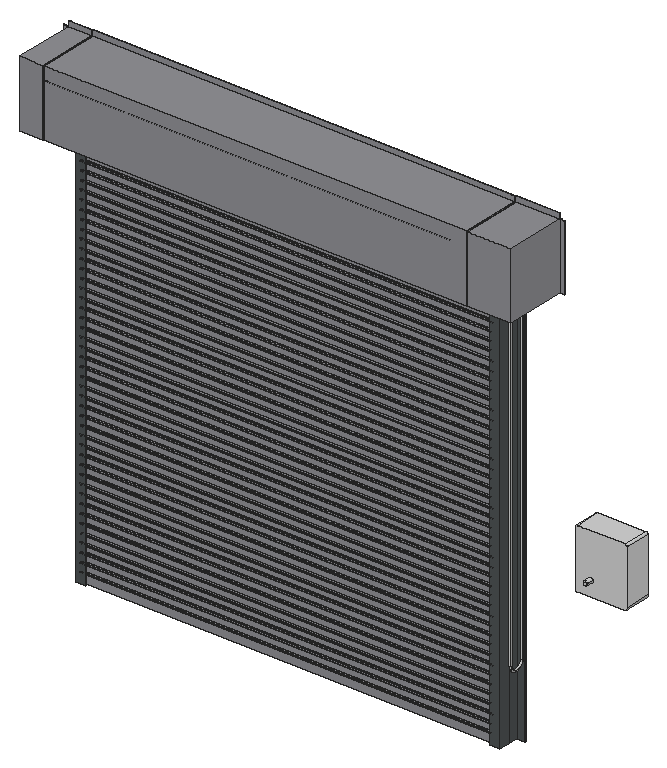
Revit family "Doors_Industrial_Overhead-Door-Corporation_RapidSlat-Rolling-Steel-Service-Doors-621_", category Specialty Equipment, host Wall, Revit 2019
Family settings
  Host = Wall
  Round Connector Dimension = Use Diameter
  Part Type = Normal
  OmniClass Number = 23.30.10.21.34
  OmniClass Title = Industrial Doors
  Always vertical = Yes
  Cut with Voids When Loaded = Yes
  Shared = No
  Room Calculation Point = No
Parameters (values of type "208 volts, one phase, 60 Hz (208-240V range)")
  Warning Sign [instance] = if(Calculated Area > 683.00 SF, 1 = 1, 1 = 2)  # no
  Warning (Note) [instance] = if(Warning Sign, "The Door Area is out of the limit; please adjust accordingly. The maximum allowed area is 683 sq. ft.", if(Opening Height > 360", "Headroom Clearance Dimensions - out of the limits. Consult Factory", " "))  # " "
  Wall Thickness [instance] = 6"
  Voltage = 208 V
  True Opening Width [instance] = Clear Width  # 120"
  True Opening Height [instance] = Clear Height  # 120"
  Slat Type [instance] = if(Slat Option < 2, "C-187", if(Slat Option = 2, "C-275", if(Slat Option = 3, "F-265", "FE-265")))  # "F-265"
  Slat Option [instance] = 3  # constant formula
  Slat Length [instance] = Clear Width + G Value * 2 - 1" / 2 * 2  # 126"
  Slat Height [instance] = if(Slat < 2, 11 9/32", if(Slat = 2, 13 3/4", 13 19/128"))  # 13 19/128"
  Slat [instance] = if(Slat Option < 2, 1, if(Slat Option = 2, 2, if(Slat Option = 3, 3, 4)))  # 3
  Product Page URL = "https://www.overheaddoor.com/rolling-steel-service-doors-621"
  Power Factor = 1
  Powder Coat (Note) = "PowderGuard® Premium powder coat finish options are available in approximately 200 colors as well as custom matching to specification. PowderGuard® Textured finish, a thicker, more scratch resistant coat, is available in 11 colors providing enhanced scratch resistance as well as aiding in hiding the dirt and blemishes that often occur in commercial environments.​"  # constant formula
  Opening Width Real [instance] = if(Opening Width > Max Opening Width, Max Opening Width, if(Opening Width < Min Opening Width, Min Opening Width, Opening Width))  # 120"
  Opening Width [instance] = 120"
  Opening Height Real [instance] = if(Opening Height > Max Opening Height, Max Opening Height, if(Opening Height < Min Opening Height, Min Opening Height, Opening Height))  # 120"
  Opening Height [instance] = 120"
  One Array element [instance] = not(Array Vis)  # no
  Number of Poles = 1
  Motor Position [instance] = M Value - G Value  # 2 3/4"
  Min Opening Width [instance] = 18"  # constant formula
  Min Opening Height [instance] = 24"  # constant formula
  Max Opening Width [instance] = 360"  # constant formula
  Max Opening Height [instance] = 240"  # constant formula
  Material Finish [instance] = 621 : Standard - Gray
  M Value [instance] = if(or(Opening Width < 108", Opening Width = 108"), 5 3/4", if(or(Opening Width < 180", Opening Width = 180"), 6 1/4", if(or(Opening Width < 240", Opening Width = 240"), 7 1/4", 9 1/4")))  # 6 1/4"
  Installation Real [instance] = Wall Thickness  # 6"
  Hood Type [instance] = "Square Hood"  # constant formula
  Hood Offset [instance] = 4"  # constant formula
  Hood Material [instance] = Metal - Overhead Door - Gray
  Hood Height [instance] = A Value + 2"  # 20"
  Headroom Height Real [instance] = Hood Offset + Hood Height  # 24"
  Headroom Height [instance] = Headroom Height Real + 1 1/2"  # 25 1/2"
  HC 4 [instance] = if(or(Clear Height < 84", Clear Height = 84"), 16", if(or(Clear Height < 132", Clear Height = 132"), 18", if(or(Clear Height < 192", Clear Height = 192"), 20", 22")))  # 18"
  HC 3 [instance] = if(or(Clear Height < 108", Clear Height = 108"), 16", if(or(Clear Height < 168", Clear Height = 168"), 18", 20"))  # 18"
  HC 2 [instance] = if(or(Clear Height < 60", Clear Height = 60"), 14", if(or(Clear Height < 120", Clear Height = 120"), 16", if(or(Clear Height < 180", Clear Height = 180"), 18", 20")))  # 16"
  HC 1 [instance] = if(or(Clear Height < 96", Clear Height = 96"), 14", if(or(Clear Height < 168", Clear Height = 168"), 16", 18"))  # 16"
  Guide Type [instance] = "Angled Z Guide"  # constant formula
  Guid Depth [instance] = D Value  # 6 1/4"
  G Value [instance] = if(or(Opening Width < 108", Opening Width = 108"), 3", if(or(Opening Width < 180", Opening Width = 180"), 3 1/2", if(or(Opening Width < 240", Opening Width = 240"), 4", 5 9/16")))  # 3 1/2"
  Frequency = 60 Hz
  Face of Wall Offset [instance] = 5"  # constant formula
  Door Width True [instance] = Clear Width + M Value * 2  # 132 1/2"
  Door Width (Real) [instance] = Clear Width + 1"  # 121"
  Door Height True [instance] = Clear Width + Headroom Height  # 145 1/2"
  Door Height (Real) [instance] = Clear Height + Hood Offset  # 124"
  URL = "https://www.overheaddoor.com/"
  Product data url = "https://www.bimobject.com/overhead-door/product/rapidslat-rolling-steel-service-doors-621"
  Product Guid = "b683b8c3-3a47-4ecd-aa22-176d752e5163"
  Model = "621"  # constant formula
  Manufacturer = "Overhead Door Corporation"  # constant formula
  Wall Closure = By host
  Floor To (CL) of Shaft [instance] = Clear Height + Hood Height / 2 + Hood Offset  # 134"
  Finish Material = Finish - Overhead Door - Black
  Description = "RapidSlat Model 621 Stormtite Advanced Performance service door"  # constant formula
  D Value [instance] = if(or(Opening Width < 108", Opening Width = 108"), 5 11/16", if(or(Opening Width < 180", Opening Width = 180"), 6 1/4", if(or(Opening Width < 240", Opening Width = 240"), 6 3/16", 7 1/16")))  # 6 1/4"
  Clear Width [instance] = Opening Width Real  # 120"
  Clear Height [instance] = Opening Height Real  # 120"
  Current = 20 A
  Backroom Depth [instance] = A Value + 1/2"  # 18 1/2"
  BJ Displacement Real [instance] = 0"  # constant formula
  Array Vis [instance] = if(Array < 2, 1 = 2, 1 = 1)  # yes
  Array Real [instance] = if(Array < 2, 2, Array)  # 10
  Array Length [instance] = (Array) * Slat Height  # 131 31/64"
  Array [instance] = rounddown(([Door Height (Real)] - 3") / Slat Height) + 1  # 10
  Calculated Area [instance] = [Door Width (Real)] * [Door Height (Real)]  # 104.194 SF
  Apparent Load Phase 3 = if(Number of Poles = 1, 0 VA, (Voltage * Current * sqrt(3)) / 3)  # 0 VA
  Apparent Load Phase 2 = if(Number of Poles = 1, 0 VA, (Voltage * Current * sqrt(3)) / 3)  # 0 VA
  Apparent Load Phase 1 = if(Number of Poles = 1, Voltage * Current, (Voltage * Current * sqrt(3)) / 3)  # 4160 VA
  A Value [instance] = if(Slat = 1, HC 1, if(Slat = 2, HC 2, HC 3))  # 18"
Reference planes (in)
  plane 1 "Center (Front/Back)": y = -14.625
  plane 2 "Center (Left/Right)": x = 0
  plane 3 "Left": x = -60
  plane 4 "Right": x = 60
  plane 5 "Exterior": y = -8.625
  plane 6 "Interior": y = -14.625
  plane 7: x = 66.25
  plane 8: x = -66.25
  plane 9: z = 120
  plane 10 "Main": y = -20.23437
  plane 11 "Backroom Depth": y = -32.125
  plane 12 "Main Door Block": y = -13.625
  plane 13 "Bottom Bar": z = 2.75
  plane 14: y = -20.875
  plane 15: z = 134.23438
  plane 16: z = 144
  plane 17: z = 124
  plane 18: z = 145.5
  plane 19: z = 0
  plane 20: z = 60
  plane 21: y = -20.0625
  plane 22: y = 18.375
  plane 23: y = -41.625
  plane 24 "Double Main": y = -19.656
  plane 25 "Headroom Top": z = 145.5
  plane 26: z = 134
  plane 27: x = 63.5
  plane 28: x = -63.5
  plane 29: z = 121.08594
  plane 30: y = -20.0625
  plane 31: z = 2.75
  plane 32: y = -20.0625
  plane 33: z = 121.08594
  plane 34: y = -20.0625
  plane 35: z = 15.89844
  plane 36: y = -20.0625
  plane 37: z = 29.04688
  plane 38: y = -20.0625
  plane 39: z = 42.19531
  plane 40: y = -20.0625
  plane 41: z = 55.34375
  plane 42: y = -20.0625
  plane 43: z = 68.49219
  plane 44: y = -20.0625
  plane 45: z = 81.64063
  plane 46: y = -20.0625
  plane 47: z = 94.78906
  plane 48: y = -20.0625
  plane 49: z = 107.9375
  plane 50: z = 2.75
  plane 51: y = -20.0625
  plane 52: z = 121.08594
  plane 53: y = -20.0625
  plane 54: z = 15.89844
  plane 55: y = -20.0625
  plane 56: z = 29.04688
  plane 57: y = -20.0625
  plane 58: z = 42.19531
  plane 59: y = -20.0625
  plane 60: z = 55.34375
  plane 61: y = -20.0625
  plane 62: z = 68.49219
  plane 63: y = -20.0625
  plane 64: z = 81.64063
  plane 65: y = -20.0625
  plane 66: z = 94.78906
  plane 67: y = -20.0625
  plane 68: z = 107.9375
  plane 69: y = -20.0625
Forms (in)
  Extrusion 1, void
    sketch origin (0, -13.625, 0) x (0, 0, -1) y (-1, 0, 0)
      loop
        line (-120, 60) -> (-120, -60) -> (0, -60) -> (0, 60) -> (-120, 60)
    from -1 to 5
Text (in)
  text "Exterior" at (-74.96733, 27.31104, 0), in view "Ref. Level"
  text "Interior" at (-74.96733, -25.14366, 0), in view "Ref. Level"
  text "Exterior" at (0, 40.15149, 123.01588), in view "Right"
  text "Interior" at (0, -64.39139, 123.01588), in view "Right"
  text "Interior" at (0, -31.01599, 123.00693), in view "Left"
  text "Exterior" at (0, 54.57065, 123.00693), in view "Left"
Dimensions and locks (in)
  equal spacing: plane 3 "Left", plane 2 "Center (Left/Right)", plane 4 "Right"
  "Clear Width": plane 3 "Left" to plane 4 "Right"
  level to host wall = 459.59655"
  "Clear Height": level to plane 9
  plane 7 to plane 8 = 132 1/2"
  equal spacing: plane 7, plane 2 "Center (Left/Right)", plane 8
  locked: plane 13 "Bottom Bar" to level at 2.75
  "Door Width True": plane 7 to plane 8
  locked: plane 14 to plane 10 "Main" at 0.64063
  "Array Length": plane 15 to plane 13 "Bottom Bar"
  "Backroom Depth": plane 11 "Backroom Depth" to plane 12 "Main Door Block"
  "Hood Height": plane 16 to plane 17
  locked: plane 18 to plane 16 at 1.5
  "Installation Real": plane 1 "Center (Front/Back)" to plane 5 "Exterior"
  "Wall Thickness": host wall to host wall
  equal spacing: plane 9, plane 20, plane 19
  locked: plane 10 "Main" to plane 21 at 0.17187
  equal spacing: plane 22, host wall, plane 23
  locked: plane 22 to plane 23 at 60
  locked: plane 10 "Main" to plane 24 "Double Main" at 0.57837
  "Hood Offset": plane 17 to plane 9
  "Headroom Height": plane 25 "Headroom Top" to plane 9
  "Floor To (CL) of Shaft": plane 26 to level
  "Motor Position": plane 7 to plane 27
  "Motor Position": plane 28 to plane 8
  "Guid Depth": plane 14 to plane 1 "Center (Front/Back)"
  "Slat Height": plane 15 to plane 29
  equal spacing: group 1, group 3, group 4, group 5, group 6, group 7, group 8, group 9, group 10, group 2  (x2)
  equal spacing: group 2, group 10, group 9, group 8, group 7, group 6, group 5, group 4, group 3, group 1
  equal spacing: group 12, group 20, group 19, group 18, group 17, group 16, group 15, group 14, group 13, group 11  (x2)
  equal spacing: group 11, group 13, group 14, group 15, group 16, group 17, group 18, group 19, group 20, group 12
  aligned and locked: plane 5 "Exterior" to host wall
  aligned and locked: host wall to plane 6 "Interior"
  aligned and locked: level to Extrusion 1 sketch curve
  aligned and locked: Extrusion 1 to plane 5 "Exterior"
  aligned and locked: plane 6 "Interior" to Extrusion 1
  aligned and locked: nested 1 to plane 2 "Center (Left/Right)"
  aligned and locked: nested 1 to level
  aligned and locked: level to plane 19
  aligned and locked: nested 1 to plane 1 "Center (Front/Back)"
  aligned and locked: plane 2 "Center (Left/Right)" to nested 2
  aligned and locked: nested 2 to plane 22
  aligned and locked: plane 23 to nested 3
  aligned and locked: nested 3 to plane 2 "Center (Left/Right)"
  aligned and locked: nested 4 to plane 20
  aligned and locked: plane 2 "Center (Left/Right)" to nested 4
  aligned and locked: nested 4 to plane 21
  aligned and locked: plane 4 "Right" to Extrusion 1 sketch curve
  aligned and locked: plane 3 "Left" to Extrusion 1 sketch curve
  aligned and locked: Extrusion 1 sketch curve to plane 9
  aligned and locked: plane 13 "Bottom Bar" to plane 31
  aligned and locked: plane 21 to plane 30
  aligned and locked: plane 29 to plane 33
  aligned and locked: plane 32 to plane 21
  aligned and locked: plane 13 "Bottom Bar" to plane 50
  aligned and locked: plane 21 to plane 51
  aligned and locked: plane 29 to plane 52
  aligned and locked: plane 53 to plane 21
  aligned and locked: plane 21 to nested 15
Nested families (in)
  nested 1: "Lifts" at (0, -14.625, 0), type "Frame Unit"
    with Square Hood yes, Round Hood no, Right Motor Position yes, Octagon Hood no, No Hood no
  nested 2: "Label Annotation 1" at (0, 18.375, 0), visible <- "Warning Sign", type "Label Annotation 1"
  nested 3: "Label Annotation 1" at (0, -41.625, 0) x (-1, 0, 0) z (0, 0, 1), visible <- "Warning Sign", type "Label Annotation 1"
  nested 4: "Warning Sign" at (0, -20.0625, 60), visible <- "Warning Sign", type "Warning Sign"
    with Warning Sign no
  nested 5: "621" at (0, -20.0625, 2.75), Slat Option <- "Slat", Opening Width <- "Slat Length", visible <- "Array Vis", type <- "Material Finish", type "Standard - Gray"
    with Void Offset 1", Void Height 1", Slat Width 0.63", Slat Position + Offset 14.044", Slat Position 13.15", Slat Option 3, Opening Width 126", Integrated Cutout no, F 265, FE 265 yes, Cutout Width Offset 1", Cutout Vertical Offset 0.894", Cutout Horizontal Offset 1", C 275 no, C 187 Standard no
  nested 6: "621" at (0, -20.0625, 121.08594), Slat Option <- "Slat", Opening Width <- "Slat Length", visible <- "Array Vis", type <- "Material Finish", type "Standard - Gray"
    with Void Offset 1", Void Height 1", Slat Width 0.63", Slat Position + Offset 14.044", Slat Position 13.15", Slat Option 3, Opening Width 126", Integrated Cutout no, F 265, FE 265 yes, Cutout Width Offset 1", Cutout Vertical Offset 0.894", Cutout Horizontal Offset 1", C 275 no, C 187 Standard no
  nested 7: "621" at (0, -20.0625, 15.89844), Slat Option <- "Slat", Opening Width <- "Slat Length", visible <- "Array Vis", type <- "Material Finish", type "Standard - Gray"
    with Void Offset 1", Void Height 1", Slat Width 0.63", Slat Position + Offset 14.044", Slat Position 13.15", Slat Option 3, Opening Width 126", Integrated Cutout no, F 265, FE 265 yes, Cutout Width Offset 1", Cutout Vertical Offset 0.894", Cutout Horizontal Offset 1", C 275 no, C 187 Standard no
  nested 8: "621" at (0, -20.0625, 29.04688), Slat Option <- "Slat", Opening Width <- "Slat Length", visible <- "Array Vis", type <- "Material Finish", type "Standard - Gray"
    with Void Offset 1", Void Height 1", Slat Width 0.63", Slat Position + Offset 14.044", Slat Position 13.15", Slat Option 3, Opening Width 126", Integrated Cutout no, F 265, FE 265 yes, Cutout Width Offset 1", Cutout Vertical Offset 0.894", Cutout Horizontal Offset 1", C 275 no, C 187 Standard no
  nested 9: "621" at (0, -20.0625, 42.19531), Slat Option <- "Slat", Opening Width <- "Slat Length", visible <- "Array Vis", type <- "Material Finish", type "Standard - Gray"
    with Void Offset 1", Void Height 1", Slat Width 0.63", Slat Position + Offset 14.044", Slat Position 13.15", Slat Option 3, Opening Width 126", Integrated Cutout no, F 265, FE 265 yes, Cutout Width Offset 1", Cutout Vertical Offset 0.894", Cutout Horizontal Offset 1", C 275 no, C 187 Standard no
  nested 10: "621" at (0, -20.0625, 55.34375), Slat Option <- "Slat", Opening Width <- "Slat Length", visible <- "Array Vis", type <- "Material Finish", type "Standard - Gray"
    with Void Offset 1", Void Height 1", Slat Width 0.63", Slat Position + Offset 14.044", Slat Position 13.15", Slat Option 3, Opening Width 126", Integrated Cutout no, F 265, FE 265 yes, Cutout Width Offset 1", Cutout Vertical Offset 0.894", Cutout Horizontal Offset 1", C 275 no, C 187 Standard no
  nested 11: "621" at (0, -20.0625, 68.49219), Slat Option <- "Slat", Opening Width <- "Slat Length", visible <- "Array Vis", type <- "Material Finish", type "Standard - Gray"
    with Void Offset 1", Void Height 1", Slat Width 0.63", Slat Position + Offset 14.044", Slat Position 13.15", Slat Option 3, Opening Width 126", Integrated Cutout no, F 265, FE 265 yes, Cutout Width Offset 1", Cutout Vertical Offset 0.894", Cutout Horizontal Offset 1", C 275 no, C 187 Standard no
  nested 12: "621" at (0, -20.0625, 81.64063), Slat Option <- "Slat", Opening Width <- "Slat Length", visible <- "Array Vis", type <- "Material Finish", type "Standard - Gray"
    with Void Offset 1", Void Height 1", Slat Width 0.63", Slat Position + Offset 14.044", Slat Position 13.15", Slat Option 3, Opening Width 126", Integrated Cutout no, F 265, FE 265 yes, Cutout Width Offset 1", Cutout Vertical Offset 0.894", Cutout Horizontal Offset 1", C 275 no, C 187 Standard no
  nested 13: "621" at (0, -20.0625, 94.78906), Slat Option <- "Slat", Opening Width <- "Slat Length", visible <- "Array Vis", type <- "Material Finish", type "Standard - Gray"
    with Void Offset 1", Void Height 1", Slat Width 0.63", Slat Position + Offset 14.044", Slat Position 13.15", Slat Option 3, Opening Width 126", Integrated Cutout no, F 265, FE 265 yes, Cutout Width Offset 1", Cutout Vertical Offset 0.894", Cutout Horizontal Offset 1", C 275 no, C 187 Standard no
  nested 14: "621" at (0, -20.0625, 107.9375), Slat Option <- "Slat", Opening Width <- "Slat Length", visible <- "Array Vis", type <- "Material Finish", type "Standard - Gray"
    with Void Offset 1", Void Height 1", Slat Width 0.63", Slat Position + Offset 14.044", Slat Position 13.15", Slat Option 3, Opening Width 126", Integrated Cutout no, F 265, FE 265 yes, Cutout Width Offset 1", Cutout Vertical Offset 0.894", Cutout Horizontal Offset 1", C 275 no, C 187 Standard no
  nested 15: "621" at (0, -20.0625, 2.75), Slat Option <- "Slat", Opening Width <- "Slat Length", visible <- "One Array element", type <- "Material Finish", type "Standard - Gray"
    with Void Offset 1", Void Height 1", Slat Width 0.63", Slat Position + Offset 14.044", Slat Position 13.15", Slat Option 3, Opening Width 126", Integrated Cutout no, F 265, FE 265 yes, Cutout Width Offset 1", Cutout Vertical Offset 0.894", Cutout Horizontal Offset 1", C 275 no, C 187 Standard no
Connectors (in)
  electrical at (94.92963, -22.165, 60.07037), driven by "Apparent Load Phase 1", driven by "Apparent Load Phase 2", driven by "Apparent Load Phase 3", driven by "Power Factor", driven by "Voltage", driven by "Number of Poles"
    settings: on nested 1, index 1, voltage 208 V, apparent load 0 VA, apparent load phase1 4160 VA, apparent load phase2 0 VA, apparent load phase3 0 VA, power factor 1, load classification "Other", number of poles 1, system type 31, power factor state 1, is connector primary yes, connector utility no, sub classification motor no, connector description "Electrical Connector"
Definition of nested family "Lifts"
  Parameters (values of type "Frame Unit")
    True Width = if(Between Jambs, Opening Width, Opening Width + 1/2")  # 120 1/2"
    Square Hood [instance] = if(Hood Option = 2, 1 = 1, 1 = 2)  # yes
    Slat Option = 1
    Round Hood [instance] = if(Hood Option > 3, 1 = 1, 1 = 2)  # no
    Rough Width = 0"
    Rough Height = 0"
    Right Motor Position [instance] = yes
    Octagon Hood [instance] = if(Hood Option = 3, 1 = 1, 1 = 2)  # no
    No Hood [instance] = if(Hood Option < 2, 1 = 1, 1 = 2)  # no
    M Value = 6 1/4"
    Hood Type = if(Hood Option < 2, "No Hood", if(Hood Option = 2, "Square Hood", if(Hood Option = 3, "Octagon Hood", "Round Hood")))  # "Square Hood"
    Hood Option = 2
    Hood Offset = 4"
    Hood Height = Headroom Height Real - Hood Offset  # 20"
    Headroom Height Real = Headroom Height  # 24"
    Half Octagon Side = 3.41726"
    Half Hood Height = Headroom Height - Hood Offset  # 20"
    G Value = 3 1/2"
    E Guide Width = if(Between Jambs, Guide Offset - G Value + BJ Connection Length - BJ Displacement * 2 / 3, 3")  # 3"
    E Guide Height = 3"  # constant formula
    Z Guide = 1 = 1  # yes
    Slat Material = none
    Shaft Offset = if(Hood Height < Header Width, (Header Width - (Header Width - Hood Height)) / 2, Header Width / 2)  # 9 1/4"
    Shaft Material = none
    Shaft Length 2 = 18"  # constant formula
    Shaft Length 1 = 12"  # constant formula
    Setback = if(Between Jambs, 0", 1/2")  # 1/2"
    Opening Width = 120"
    Hood Material = none
    Headroom Height = 24"
    Header Width = 18 1/2"
    Opening Height = 120"
    Guide Type = if(Between Jambs, "Angled Between Jambs Z Guide", if(Guide Option > 1, "Angled Z Guide", "Angled E Guide"))  # "Angled Z Guide"
    Guide Option = if(Between Jambs, 1, 2)  # 2
    Guide Offset = BJ Displacement + G Value  # 3 1/2"
    Guide Z Wide = if(Between Jambs, Guide Offset - G Value + BJ Connection Length - BJ Displacement * 2 / 3, M Value - G Value)  # 2 3/4"
    Guide Z Height = 3"  # constant formula
    Floor To (CL) of Shaft = 134"
    Finish Material = none
    Face to Wall Mount = not(Between Jambs)  # yes
    E Guide = if(Between Jambs, 1 = 1, 1 = 2)  # no
    D Value = 6 1/4"
    Chain offset = if(Opening Height < 35", Opening Height - 5", 30")  # 30"
    Between Jambs = no
    BJ Position = if(Between Jambs, 1/4", 0")  # 0"
    BJ Displacement = 0"
    BJ Connection Length = 1 / 3 * BJ Displacement  # 0"
    Angled Guide = 1 = 1  # yes
    1 = 15 1/2"
  Reference planes (in)
    plane 1 "Center (Front/Back)": y = 0
    plane 2: z = 0
    plane 3 "Center (Left/Right)": x = 0
    plane 4 "Opening Height": z = 120
    plane 5: x = -72
    plane 6: x = 78
    plane 7: z = 144
    plane 8: y = 18.5
    plane 9 "Real Opening 2": x = -60
    plane 10 "Real Opening 1": x = 60
    plane 11: z = 124
    plane 12 "Main": y = 0
    plane 13: z = 134
    plane 14: x = 63.5
    plane 15: x = -63.5
    plane 16: x = -63.5
    plane 17: x = 63.5
    plane 18: y = 6.25
    plane 19: x = -63.25
    plane 20: x = 63.25
    plane 21: z = 145.5
    plane 22: y = 6.25
    plane 23: y = 5.125
    plane 24: y = 6.25
    plane 25: y = 5.125
    plane 26: y = 0.25
    plane 27: z = 124
    plane 28: z = 30
    plane 29: z = 0
    plane 30: x = 74
    plane 31: x = 95
    plane 32: z = 60
    plane 33: y = 7.54
    plane 34: x = 76.25
    plane 35: x = -70.25
  Forms (in)
    Extrusion 1, solid, material <- "Slat Material"
      sketch origin (0, 0, 0) x (0, 1, 0) y (0, 0, 1)
        loop
          line (5.4375, 2.375) -> (5.4375, 2.75) -> (4.8125, 2.75) -> (4.8125, 2.375) -> (5.4375, 2.375)
      from -63.25 to 63.25
    Extrusion 2, solid, material <- "Slat Material"
      sketch origin (0, 0, 0) x (0, 1, 0) y (0, 0, 1)
        loop
          line (5.4375, 2.375) -> (4.8125, 2.375) -> (4.8125, 0) -> (5.4375, 0) -> (5.4375, 2.375)
      from -63.25 to 63.25
    Extrusion 3, solid, material <- "Shaft Material"
      sketch origin (0, -5.35201, 0) x (0, 1, 0) y (0, 0, 1)
        loop
          circle (14.60201, 134) r 0.6
      from -70.25 to 76.25
    Extrusion 4, solid, material <- "Hood Material", visible <- "Square Hood"
      sketch origin (0, 0, 0) x (0, 1, 0) y (0, 0, 1)
        loop
          line (0, 124) -> (18.5, 124) -> (18.5, 145.5) -> (0, 145.5) -> (0, 124)
      from -63.25 to 63.25
    Extrusion 5, solid, material <- "Finish Material", visible <- "E Guide"
      sketch origin (0, 0, 0) x (1, 0, 0) y (0, 1, 0)
        loop
          line (60.5, 0) -> (63.5, 0) -> (63.5, 3) -> (63.4375, 3)
          arc (63.4375, 3) -> (63.30492, 2.94508) -> (63.25, 2.8125) r 0.1875
          line (63.25, 2.8125) -> (63.25, 0.25) -> (60.6875, 0.25)
          arc (60.6875, 0.25) -> (60.55492, 0.19508) -> (60.5, 0.0625) r 0.1875
          line (60.5, 0.0625) -> (60.5, 0)
        loop
          line (-60.5, 0) -> (-60.5, 0.0625)
          arc (-60.5, 0.0625) -> (-60.55492, 0.19508) -> (-60.6875, 0.25) r 0.1875
          line (-60.6875, 0.25) -> (-63.25, 0.25) -> (-63.25, 2.8125)
          arc (-63.25, 2.8125) -> (-63.30492, 2.94508) -> (-63.4375, 3) r 0.1875
          line (-63.4375, 3) -> (-63.5, 3) -> (-63.5, 0) -> (-60.5, 0)
      from 0 to 124
    Extrusion 6, solid, material <- "Finish Material", visible <- "Z Guide"
      sketch origin (0, 0, 0) x (1, 0, 0) y (0, 1, 0)
        loop
          line (66.25, 0) -> (66.25, 0.062)
          arc (66.25, 0.062) -> (66.19494, 0.19494) -> (66.062, 0.25) r 0.188
          line (66.062, 0.25) -> (63.75, 0.25) -> (63.75, 2.812)
          arc (63.75, 2.812) -> (63.69494, 2.94494) -> (63.562, 3) r 0.188
          line (63.562, 3) -> (63.5, 3) -> (63.5, 0) -> (66.25, 0)
        loop
          line (-66.25, 0) -> (-63.5, 0) -> (-63.5, 3) -> (-63.562, 3)
          arc (-63.562, 3) -> (-63.69494, 2.94494) -> (-63.75, 2.812) r 0.188
          line (-63.75, 2.812) -> (-63.75, 0.25) -> (-66.062, 0.25)
          arc (-66.062, 0.25) -> (-66.19494, 0.19494) -> (-66.25, 0.062) r 0.188
          line (-66.25, 0.062) -> (-66.25, 0)
      from 0 to 124
    Extrusion 7, solid, material <- "Finish Material", visible <- "Angled Guide"
      sketch origin (0, 0, 0) x (1, 0, 0) y (0, 1, 0)
        loop
          line (60.5, 6.25) -> (60.5, 6.187)
          arc (60.5, 6.187) -> (60.55477, 6.05477) -> (60.687, 6) r 0.187
          line (60.687, 6) -> (63.25, 6) -> (63.25, 4.25) -> (60.5, 4.25) -> (60.5, 4.187)
          arc (60.5, 4.187) -> (60.55477, 4.05477) -> (60.687, 4) r 0.187
          line (60.687, 4) -> (63, 4) -> (63, 2.3125) -> (63.25, 2.3125) -> (63.25, 2) -> (63.5, 2) -> (63.5, 6.25) -> (60.5, 6.25)
        loop
          line (-60.5, 6.25) -> (-63.5, 6.25) -> (-63.5, 2) -> (-63.25, 2) -> (-63.25, 2.3125) -> (-63, 2.3125) -> (-63, 4) -> (-60.687, 4)
          arc (-60.687, 4) -> (-60.55477, 4.05477) -> (-60.5, 4.187) r 0.187
          line (-60.5, 4.187) -> (-60.5, 4.25) -> (-63.25, 4.25) -> (-63.25, 6) -> (-60.687, 6)
          arc (-60.687, 6) -> (-60.55477, 6.05477) -> (-60.5, 6.187) r 0.187
          line (-60.5, 6.187) -> (-60.5, 6.25)
      from 0 to 124
    Extrusion 8, solid, material <- "Hood Material"
      sketch origin (0, 0, 0) x (-1, 0, 0) y (0, 0, 1)
        loop
          line (63.25, 124) -> (63.5, 124) -> (63.5, 144) -> (63.25, 144) -> (63.25, 124)
        loop
          line (-63.5, 124) -> (-63.25, 124) -> (-63.25, 144) -> (-63.5, 144) -> (-63.5, 124)
      from 0 to 18.5
    Extrusion 9, solid, material <- "Hood Material"
      sketch origin (0, 0, 0) x (1, 0, 0) y (0, 1, 0)
        loop
          line (-72, 0) -> (-63.5, 0) -> (-63.5, 18.5) -> (-72, 18.5) -> (-72, 0)
        loop
          line (78, 0) -> (78, 18.5) -> (63.5, 18.5) -> (63.5, 0) -> (78, 0)
      from 124 to 145.5
    Extrusion 10, void
      sketch origin (0, 0, 0) x (1, 0, 0) y (0, 0, 1)
        loop
          line (-72, 145.5) -> (-72, 124) -> (-70.5, 124) -> (-70.5, 144) -> (76.5, 144) -> (76.5, 120) -> (78, 120) -> (78, 145.5) -> (-72, 145.5)
      from -0.25 to -18.5
    Extrusion 11, void
      sketch origin (0, 0, 0) x (1, 0, 0) y (0, 0, 1)
        loop
          line (-72, 144) -> (-70.5, 144) -> (-70.5, 145.5) -> (-72, 145.5) -> (-72, 144)
        loop
          line (78, 144) -> (78, 145.5) -> (76.5, 145.5) -> (76.5, 144) -> (78, 144)
      from 0 to -0.25
    Sweep 12, solid
      path origin (74, -12.75, 1000) x (0, -1, 0) y (0, 0, 1)
        loop
          line (-28.53866, -876) -> (-28.53866, -970)
          arc (-28.53866, -970) -> (-26.10116, -972.4375) -> (-23.66366, -970) r 2.4375
          line (-23.66366, -970) -> (-23.66366, -876)
      profile origin (74, 15.78866, 77) x (-1, 0, 0) y (0, -1, 0)
        loop
          circle (0, 0.2675) r 0.2675
    Extrusion 13, solid
      sketch origin (95, 0, 60) x (1, 0, 0) y (0, 0, 1)
        loop
          line (7.25, 8.90625) -> (-7.25, 8.90625)
          arc (-7.25, 8.90625) -> (-7.60355, 8.7598) -> (-7.75, 8.40625) r 0.5
          line (-7.75, 8.40625) -> (-7.75, -8.40625)
          arc (-7.75, -8.40625) -> (-7.60355, -8.7598) -> (-7.25, -8.90625) r 0.5
          line (-7.25, -8.90625) -> (6.68702, -8.90625)
          arc (6.68702, -8.90625) -> (7.43866, -8.59491) -> (7.75, -7.84327) r 1.06298
          line (7.75, -7.84327) -> (7.75, 8.40625)
          arc (7.75, 8.40625) -> (7.60355, 8.7598) -> (7.25, 8.90625) r 0.5
      from 0 to -7.54
    Revolve 14, solid, visible <- "Right Motor Position"
      sketch origin (95, 0, 55.5) x (0, -1, 0) y (1, 0, 0)
        loop
          line (-7.54, -3.41542) -> (-7.54, -2.66542) -> (-9.312, -2.81542) -> (-9.312, -3.41542) -> (-7.54, -3.41542)
        axis (-7.54, -3.41542) -> (-9.312, -3.41542)
      angle from 0 to 360
  Cuts and joins
    Extrusion 10, Extrusion 11 cuts Extrusion 9
    Extrusion 10 cuts Extrusion 4
  Lines and regions (in)
    Masking region 1
      outline origin (0, 0, 0) x (1, 0, 0) y (0, 1, 0)
        loop
          line (-63.5, 18.5) -> (-63.5, 0) -> (63.5, 0) -> (63.5, 18.5) -> (-63.5, 18.5)
    Masking region 2
      outline origin (0, 0, 0) x (1, 0, 0) y (0, 1, 0)
        loop
          line (63.5, 0) -> (78, 0) -> (78, 0.25) -> (76.5, 0.25) -> (76.5, 18.5) -> (63.5, 18.5) -> (63.5, 0)
        loop
          line (-63.5, 0) -> (-63.5, 18.5) -> (-70.5, 18.5) -> (-70.5, 0.25) -> (-72, 0.25) -> (-72, 0) -> (-63.5, 0)
    Masking region 3
      outline origin (0, 0, 0) x (1, 0, 0) y (0, 1, 0)
        loop
          line (87.25, 7.54) -> (87.25, 0) -> (102.75, 0) -> (102.75, 7.54) -> (87.25, 7.54)
    Masking region 4
      outline origin (91.64, 2.54, 60) x (0, -1, 0) y (1, 0, 0)
        loop
          line (-6.772, 0.54458) -> (-6.772, -0.65542) -> (-5, -0.80542) -> (-5, 0.69458) -> (-6.772, 0.54458)
    symbolic lines
      curve 1: line (-63.25, 0, 0) -> (-63.25, 18.5, 0)
      curve 2: line (63.25, 18.5, 0) -> (63.25, 0, 0)
      curve 4: line (-72, 0.25, 0) -> (78, 0.25, 0)
    symbolic lines, visible <- "Octagon Hood"
      curve 3: line (-63.25, 14.69239, 0) -> (63.25, 14.69239, 0)
    reference lines
      curve 5: line (95, 0, 60) -> (104, 0, 60)
      curve 6: line (95, 0, 55.5) -> (100.75, 0, 55.5)
  Dimensions and locks (in)
    Extrusion 1 sketch curve to level = 2 3/8"
    locked: Extrusion 1 sketch curve to Extrusion 1 sketch curve at 0.625
    locked: Extrusion 2 sketch curve to level at 2.375
    "Headroom Height Real": plane 7 to plane 4 "Opening Height"
    plane 8 to plane 1 "Center (Front/Back)" = 18 1/2"
    "Opening Height": plane 4 "Opening Height" to level
    "Hood Offset": plane 11 to plane 4 "Opening Height"
    "BJ Position": plane 12 "Main" to plane 1 "Center (Front/Back)"
    "Header Width": plane 12 "Main" to plane 8
    "Floor To (CL) of Shaft": plane 13 to level
    "Shaft Offset": Extrusion 3 sketch curve to plane 8
    locked: Extrusion 2 sketch curve to Extrusion 2 sketch curve at 0.625
    "Guide Offset": plane 10 "Real Opening 1" to plane 14
    "Guide Offset": plane 15 to plane 9 "Real Opening 2"
    locked: Extrusion 5 sketch curve to Extrusion 5 sketch curve at 0.25  (x4)
    "E Guide Height": Extrusion 5 sketch curve to Extrusion 5 sketch curve  (x2)
    "E Guide Width": Extrusion 5 sketch curve to Extrusion 5 sketch curve  (x2)
    locked: Extrusion 6 sketch curve to Extrusion 6 sketch curve at 0.25  (x4)
    "Guide Z Wide": Extrusion 6 sketch curve to Extrusion 6 sketch curve  (x2)
    "Guide Z Height": Extrusion 6 sketch curve to Extrusion 6 sketch curve  (x2)
    locked: Extrusion 7 sketch curve to Extrusion 7 sketch curve at 0.25  (x8)
    locked: Extrusion 7 sketch curve to Extrusion 7 sketch curve at 2.25  (x2)
    locked: Extrusion 7 sketch curve to Extrusion 7 sketch curve at 4.25  (x2)
    locked: Extrusion 7 sketch curve to Extrusion 7 sketch curve at 0.3125  (x2)
    "Setback": plane 10 "Real Opening 1" to Extrusion 7 sketch curve
    "Setback": Extrusion 7 sketch curve to plane 9 "Real Opening 2"
    equal spacing: plane 15, plane 3 "Center (Left/Right)", plane 14
    "G Value": Extrusion 6 sketch curve to plane 9 "Real Opening 2"
    "G Value": plane 10 "Real Opening 1" to Extrusion 6 sketch curve
    "G Value": plane 10 "Real Opening 1" to plane 17
    "G Value": plane 16 to plane 9 "Real Opening 2"
    "Shaft Length 1": plane 5 to plane 9 "Real Opening 2"
    "Shaft Length 2": plane 6 to plane 10 "Real Opening 1"
    locked: Extrusion 2 to plane 17 at 0.25
    locked: Extrusion 2 to plane 16 at 0.25
    locked: plane 16 to plane 19 at 0.25
    locked: plane 20 to plane 17 at 0.25
    equal spacing: plane 9 "Real Opening 2", plane 3 "Center (Left/Right)", plane 10 "Real Opening 1"
    "Opening Width": plane 9 "Real Opening 2" to plane 10 "Real Opening 1"
    locked: plane 21 to plane 7 at 1.5
    "D Value": plane 1 "Center (Front/Back)" to plane 18
    "D Value": plane 22 to plane 1 "Center (Front/Back)"
    locked: plane 22 to plane 23 at 1.125
    equal spacing: Extrusion 1 sketch curve, plane 23, Extrusion 1 sketch curve
    "D Value": plane 24 to plane 1 "Center (Front/Back)"
    locked: plane 24 to plane 25 at 1.125
    equal spacing: Extrusion 2 sketch curve, plane 25, Extrusion 2 sketch curve
    "G Value": plane 10 "Real Opening 1" to Extrusion 7 sketch curve
    "G Value": Extrusion 7 sketch curve to plane 9 "Real Opening 2"
    locked: Extrusion 10 sketch curve to Extrusion 10 sketch curve at 1.5  (x2)
    locked: plane 26 to plane 12 "Main" at 0.25
    locked: Extrusion 11 sketch curve to Extrusion 11 sketch curve at 1.5  (x2)
    "Chain offset": plane 28 to plane 29
    locked: plane 30 to plane 6 at 4
    locked: plane 20 to plane 31 at 31.75
    locked: plane 32 to level at 60
    locked: curve 5 to curve 5 at 9
    equal spacing: Masking region 3 sketch curve, plane 31, Masking region 3 sketch curve
    locked: Revolve 14 sketch curve to Revolve 14 sketch curve at 0.6
    locked: Revolve 14 sketch curve to Revolve 14 sketch curve at 0.75
    locked: plane 33 to Revolve 14 sketch curve at 1.772
    locked: Masking region 3 sketch curve to Masking region 3 sketch curve at 7.54
    locked: curve 5 to curve 6 at 4.5
    locked: curve 6 to curve 6 at 5.75
    locked: Masking region 3 sketch curve to plane 31 at 7.75
    locked: plane 34 to plane 6 at 1.75
    locked: plane 5 to plane 35 at 1.75
    radius of Extrusion 5 sketch curve = 3/16"  (x4)
    radius of Extrusion 6 sketch curve = 0.188"  (x4)
    locked: Extrusion 7 sketch curve to Extrusion 7 sketch curve (radius 0.187")  (x4)
    aligned and locked: plane 2 to level
    aligned and locked: Extrusion 4 sketch curve to plane 8
    aligned and locked: plane 13 to Extrusion 3 sketch curve
    aligned and locked: plane 12 "Main" to Extrusion 5 sketch curve  (x2)
    aligned and locked: Extrusion 5 sketch curve to plane 14
    aligned and locked: plane 15 to Extrusion 5 sketch curve
    aligned and locked: Extrusion 6 sketch curve to plane 1 "Center (Front/Back)"  (x2)
    aligned and locked: Extrusion 7 sketch curve to Extrusion 7 sketch curve  (x4)
    aligned and locked: plane 18 to Extrusion 7 sketch curve
    aligned and locked: Extrusion 7 sketch curve to plane 18
    aligned and locked: plane 12 "Main" to Extrusion 4 sketch curve
    aligned and locked: Extrusion 8 sketch curve to plane 11  (x2)
    aligned and locked: Extrusion 8 sketch curve to plane 7  (x2)
    aligned and locked: plane 16 to Extrusion 8 sketch curve
    aligned and locked: Extrusion 8 sketch curve to plane 17
    aligned and locked: Masking region 1 sketch curve to Extrusion 4
    aligned and locked: Masking region 1 to curve 2  (x2)
    aligned and locked: Masking region 1 to curve 1  (x2)
    aligned and locked: Extrusion 2 to Extrusion 1
    aligned and locked: Extrusion 1 to Extrusion 2
    aligned and locked: Masking region 1 to plane 16
    aligned and locked: Masking region 1 to plane 17
    aligned and locked: plane 19 to Extrusion 8 sketch curve
    aligned and locked: plane 20 to Extrusion 8 sketch curve
    aligned and locked: plane 19 to Extrusion 4
    aligned and locked: Extrusion 4 to plane 20
    aligned and locked: plane 8 to Extrusion 8
    aligned and locked: plane 19 to curve 3
    aligned and locked: plane 20 to curve 3
    aligned and locked: Extrusion 4 sketch curve to plane 11
    aligned and locked: Extrusion 6 to plane 11
    aligned and locked: plane 11 to Extrusion 5
    aligned and locked: plane 11 to Extrusion 7
    aligned and locked: Extrusion 9 sketch curve to plane 5
    aligned and locked: plane 16 to Extrusion 9 sketch curve
    aligned and locked: plane 1 "Center (Front/Back)" to Extrusion 9 sketch curve
    aligned and locked: Extrusion 9 sketch curve to plane 8  (x2)
    aligned and locked: Extrusion 9 sketch curve to plane 6
    aligned and locked: Extrusion 9 sketch curve to plane 14
    aligned and locked: Extrusion 9 sketch curve to plane 1 "Center (Front/Back)"
    aligned and locked: Extrusion 9 to plane 11
    aligned and locked: Extrusion 9 to plane 21
    aligned and locked: Extrusion 10 sketch curve to plane 21
    aligned and locked: Extrusion 10 sketch curve to plane 7
    aligned and locked: Extrusion 10 sketch curve to plane 5
    aligned and locked: Extrusion 10 sketch curve to plane 6
    aligned and locked: Extrusion 10 sketch curve to plane 11
    aligned and locked: Extrusion 10 sketch curve to plane 4 "Opening Height"
    aligned and locked: Extrusion 10 to plane 8
    aligned and locked: Extrusion 10 to plane 26
    aligned and locked: Extrusion 4 sketch curve to plane 21
    aligned and locked: plane 5 to Extrusion 11 sketch curve
    aligned and locked: plane 6 to Extrusion 11 sketch curve
    aligned and locked: Extrusion 11 sketch curve to plane 7
    aligned and locked: Extrusion 11 sketch curve to plane 21
    aligned and locked: plane 21 to Extrusion 11 sketch curve
    aligned and locked: plane 7 to Extrusion 11 sketch curve
    aligned and locked: plane 26 to Extrusion 11
    aligned and locked: Extrusion 11 to plane 1 "Center (Front/Back)"
    aligned and locked: Masking region 2 sketch curve to plane 14
    aligned and locked: Masking region 2 sketch curve to cut or joined group of Extrusion 9, Extrusion 10, Extrusion 11  (x5)
    aligned and locked: cut or joined group of Extrusion 9, Extrusion 10, Extrusion 11 to Masking region 2 sketch curve
    aligned and locked: Masking region 2 sketch curve to plane 6
    aligned and locked: plane 16 to Masking region 2 sketch curve
    aligned and locked: Masking region 2 sketch curve to plane 26
    aligned and locked: Masking region 2 sketch curve to plane 5
    aligned and locked: plane 1 "Center (Front/Back)" to Masking region 2 sketch curve
    aligned and locked: curve 4 to plane 26
    aligned and locked: plane 6 to curve 4
    aligned and locked: plane 5 to curve 4
    aligned and locked: plane 27 to Sweep 12 sketch curve  (x2)
    aligned and locked: plane 28 to Sweep 12 sketch curve  (x2)
    aligned and locked: plane 11 to plane 27
    aligned and locked: level to plane 29
    aligned and locked: plane 31 to curve 5
    aligned and locked: curve 5 to plane 32
    aligned and locked: Revolve 14 sketch curve to Revolve 14 sketch curve
    aligned and locked: Revolve 14 sketch curve to plane 33
    aligned and locked: Masking region 4 sketch curve to Revolve 14  (x2)
    aligned and locked: Masking region 3 sketch curve to plane 1 "Center (Front/Back)"
    aligned and locked: plane 31 to curve 6
    aligned and locked: Extrusion 3 to plane 34
    aligned and locked: Extrusion 3 to plane 35
  Automatic sketch dimensions
    curve 3 to curve 2 = 3.80761"
    Masking region 1 sketch curve to plane 1 "Center (Front/Back)" = 0"
    Masking region 1 sketch curve to plane 15 = 0"
    Masking region 1 sketch curve to plane 14 = 0"
    Sweep 12 sketch curve to plane 8 = 2.71134"
    Sweep 12 sketch curve to Sweep 12 sketch curve = 2 7/16"
    Sweep 12 sketch curve to profile plane = 0"
    Sweep 12 sketch curve to profile plane = 0.2675"
    Masking region 4 sketch curve to curve 5 = 4.16542"
    Masking region 4 sketch curve to curve 5 = 4.01542"
    Masking region 4 sketch curve to curve 5 = 2.81542"
    Masking region 4 sketch curve to curve 5 = 2.66542"
    Extrusion 13 sketch curve to curve 5 = 7 3/4"
    Extrusion 13 sketch curve to Extrusion 13 sketch curve = 1/2"  (x3)
    Extrusion 13 sketch curve to curve 5 = 1 3/4"
    Extrusion 13 sketch curve to curve 5 = 8 29/32"
    curve 5 to Extrusion 13 sketch curve = 8 13/32"
    Extrusion 13 sketch curve to Extrusion 13 sketch curve = 1.06298"
    Revolve 14 sketch curve to curve 6 = 3.41542"
    Revolve 14 sketch curve to curve 6 = 18.88505"
    Revolve 14 sketch curve to curve 6 = 3.07036"
    Extrusion 1 sketch curve to Extrusion 1 sketch curve = 3/8"
    Extrusion 2 sketch curve to level = 0"
    radius of Extrusion 3 sketch curve = 0.6"
    radius of Sweep 12 sketch curve = 0.2675"
Definition of nested family "621"
  Parameters (values of type "Fenestration Large - Tan")
    Void Offset [instance] = if(Integrated Cutout, 0", 1")  # 0"
    Void Height [instance] = if(and(C 275, Perforation), 1.16", if(and([F 265, FE 265], Perforation), 2.3", 1"))  # 1"
    Standard = no
    Slat Width [instance] = if(Slat Option < 2, 0.53", if(Slat Option = 2, 0.88", 0.63"))  # 0.63"
    Slat Position + Offset [instance] = Slat Position + Cutout Vertical Offset  # 14.044"
    Slat Position [instance] = if(Slat Option < 2, 1.88" * 6, if(Slat Option = 2, 2 3/4" * 5, 2.63" * 5))  # 13.15"
    Slat Option [instance] = 3
    Rough Height = 0"
    Perforation = no
    Fenestration Small = no
    Fenestration Large = yes
    Cutout Width Offset [instance] = 1"  # constant formula
    Cutout Material 2 = none
    Cutout Horizontal Offset [instance] = if(Slat Option = 2, 0.847", 1")  # 1"
    Cutout Material = none
    Panel Material = none
    Opening Width [instance] = 128"
    Cutout Vertical Offset [instance] = if(Slat Option = 2, 1.605", 0.894")  # 0.894"
    F 265, FE 265 [instance] = if(Slat Option > 2, 1 = 1, 1 = 2)  # yes
    Default Elevation = 48"
    Integrated Cutout [instance] = if(and(or(Perforation, Fenestration Small), Slat Option > 1), 1 = 1, if(and(Fenestration Large, Slat Option > 2), 1 = 1, 1 = 2))  # yes
    C 275 [instance] = if(Slat Option = 2, 1 = 1, 1 = 2)  # no
    C 187 Standard [instance] = if(Slat Option < 2, 1 = 1, 1 = 2)  # no
    Analytic Construction = "<None>"
  Types (16): name | Void Offset | Void Height | Standard | Perforation | Fenestration Small | Fenestration Large | Integrated Cutout
    Standard - White | 1" | 1" | yes | no | no | no | no
    Standard - Tan | 1" | 1" | yes | no | no | no | no
    Standard - Brown | 1" | 1" | yes | no | no | no | no
    Standard - Gray | 1" | 1" | yes | no | no | no | no
    Perforated - Brown | 0" | 2.3" | no | yes | no | no | yes
    Perforated - Gray | 0" | 2.3" | no | yes | no | no | yes
    Perforated - Tan | 0" | 2.3" | no | yes | no | no | yes
    Perforated - White | 0" | 2.3" | no | yes | no | no | yes
    Fenestration Small - White | 0" | 1" | no | no | yes | no | yes
    Fenestration Small - Tan | 0" | 1" | no | no | yes | no | yes
    Fenestration Small - Gray | 0" | 1" | no | no | yes | no | yes
    Fenestration Small - Brown | 0" | 1" | no | no | yes | no | yes
    Fenestration Large - Brown | 0" | 1" | no | no | no | yes | yes
    Fenestration Large - White | 0" | 1" | no | no | no | yes | yes
    Fenestration Large - Tan | 0" | 1" | no | no | no | yes | yes
    Fenestration Large - Gray | 0" | 1" | no | no | no | yes | yes
  Reference planes (in)
    plane 1 "Center (Front/Back)": y = 0
    plane 2: z = 0
    plane 3 "Center (Left/Right)": x = 0
    plane 4: x = -64
    plane 5: x = 64
    plane 6: y = 0.63
    plane 7: y = 0
    plane 8: y = 0.315
    plane 9: y = 0.6
    plane 10: x = -63
    plane 11: x = 63
  Forms (in)
    Extrusion 1, solid, material <- "Panel Material", visible <- "F 265, FE 265"
      sketch origin (0, -4.98186, 13.12534) x (0, 1, 0) y (0, 0, 1)
        loop
          arc (5.02225, -13.3083) -> (5.02946, -13.359) -> (5.06714, -13.39369) r 0.07621
          line (5.06714, -13.39369) -> (5.48892, -13.52622)
          arc (5.48892, -13.52622) -> (5.57147, -13.52307) -> (5.61186, -13.45101) r 0.08448
          line (5.61186, -13.45101) -> (5.61186, -11.01166)
          arc (5.61186, -11.01166) -> (5.58856, -10.95542) -> (5.53233, -10.93213) r 0.07953
          line (5.53233, -10.93213) -> (5.07146, -10.90651)
          arc (5.07146, -10.90651) -> (5.05162, -10.89829) -> (5.0434, -10.87845) r 0.02806
          line (5.0434, -10.87845) -> (5.06714, -10.76816) -> (5.48892, -10.90069)
          arc (5.48892, -10.90069) -> (5.57147, -10.89754) -> (5.61186, -10.82548) r 0.08448
          line (5.61186, -10.82548) -> (5.61186, -8.38613)
          arc (5.61186, -8.38613) -> (5.58856, -8.32989) -> (5.53233, -8.3066) r 0.07953
          line (5.53233, -8.3066) -> (5.07145, -8.28099)
          arc (5.07145, -8.28099) -> (5.05162, -8.27278) -> (5.0434, -8.25295) r 0.02804
          line (5.0434, -8.25295) -> (5.06682, -8.14253) -> (5.48892, -8.27516)
          arc (5.48892, -8.27516) -> (5.57147, -8.27201) -> (5.61186, -8.19995) r 0.08448
          line (5.61186, -8.19995) -> (5.61186, -5.7606)
          arc (5.61186, -5.7606) -> (5.58856, -5.70436) -> (5.53233, -5.68106) r 0.07953
          line (5.53233, -5.68106) -> (5.07146, -5.65544)
          arc (5.07146, -5.65544) -> (5.05162, -5.64722) -> (5.0434, -5.62738) r 0.02806
          line (5.0434, -5.62738) -> (5.06714, -5.51709) -> (5.48892, -5.64963)
          arc (5.48892, -5.64963) -> (5.57147, -5.64648) -> (5.61186, -5.57441) r 0.08448
          line (5.61186, -5.57441) -> (5.61186, -3.13506)
          arc (5.61186, -3.13506) -> (5.58856, -3.07882) -> (5.53233, -3.05553) r 0.07953
          line (5.53233, -3.05553) -> (5.07145, -3.02992)
          arc (5.07145, -3.02992) -> (5.05162, -3.02171) -> (5.0434, -3.00188) r 0.02804
          line (5.0434, -3.00188) -> (5.06682, -2.89146) -> (5.48892, -3.02409)
          arc (5.48892, -3.02409) -> (5.57147, -3.02094) -> (5.61186, -2.94888) r 0.08448
          line (5.61186, -2.94888) -> (5.61186, -0.50953)
          arc (5.61186, -0.50953) -> (5.58856, -0.45329) -> (5.53233, -0.43) r 0.07953
          line (5.53233, -0.43) -> (5.07094, -0.40562)
          arc (5.07094, -0.40562) -> (5.05177, -0.39768) -> (5.04383, -0.37851) r 0.02711
          line (5.04383, -0.37851) -> (5.09718, -0.11725)
          arc (5.09718, -0.11725) -> (5.4945, 0.04334) -> (5.06596, 0.04602) r 0.21842
          line (5.06596, 0.04602) -> (4.98186, -0.36586)
          arc (4.98186, -0.36586) -> (4.99921, -0.43741) -> (5.06536, -0.46972) r 0.08656
          line (5.06536, -0.46972) -> (5.51923, -0.48958)
          arc (5.51923, -0.48958) -> (5.5423, -0.49909) -> (5.55186, -0.52214) r 0.03256
          line (5.55186, -0.52214) -> (5.55186, -2.94108)
          arc (5.55186, -2.94108) -> (5.53961, -2.96526) -> (5.51287, -2.9697) r 0.03
          line (5.51287, -2.9697) -> (5.0787, -2.83327) -> (5.09726, -2.74238)
          arc (5.09726, -2.74238) -> (5.49489, -2.58243) -> (5.06631, -2.57951) r 0.21842
          line (5.06631, -2.57951) -> (4.98186, -2.99139)
          arc (4.98186, -2.99139) -> (4.99921, -3.06294) -> (5.06536, -3.09526) r 0.08656
          line (5.06536, -3.09526) -> (5.51923, -3.11511)
          arc (5.51923, -3.11511) -> (5.5423, -3.12462) -> (5.55186, -3.14767) r 0.03256
          line (5.55186, -3.14767) -> (5.55186, -5.56661)
          arc (5.55186, -5.56661) -> (5.53961, -5.5908) -> (5.51287, -5.59523) r 0.03
          line (5.51287, -5.59523) -> (5.07902, -5.45891) -> (5.09752, -5.36831)
          arc (5.09752, -5.36831) -> (5.49485, -5.20773) -> (5.06631, -5.20505) r 0.21842
          line (5.06631, -5.20505) -> (4.98186, -5.61692)
          arc (4.98186, -5.61692) -> (4.99921, -5.68847) -> (5.06536, -5.72079) r 0.08656
          line (5.06536, -5.72079) -> (5.51923, -5.74064)
          arc (5.51923, -5.74064) -> (5.5423, -5.75015) -> (5.55186, -5.7732) r 0.03256
          line (5.55186, -5.7732) -> (5.55186, -8.19214)
          arc (5.55186, -8.19214) -> (5.53961, -8.21633) -> (5.51287, -8.22076) r 0.03
          line (5.51287, -8.22076) -> (5.0787, -8.08434) -> (5.09726, -7.99345)
          arc (5.09726, -7.99345) -> (5.49489, -7.83349) -> (5.06631, -7.83058) r 0.21842
          line (5.06631, -7.83058) -> (4.98186, -8.24245)
          arc (4.98186, -8.24245) -> (4.99921, -8.31401) -> (5.06536, -8.34632) r 0.08656
          line (5.06536, -8.34632) -> (5.51923, -8.36618)
          arc (5.51923, -8.36618) -> (5.5423, -8.37569) -> (5.55186, -8.39874) r 0.03256
          line (5.55186, -8.39874) -> (5.55186, -10.81768)
          arc (5.55186, -10.81768) -> (5.53961, -10.84186) -> (5.51287, -10.8463) r 0.03
          line (5.51287, -10.8463) -> (5.07902, -10.70997) -> (5.09752, -10.61938)
          arc (5.09752, -10.61938) -> (5.49485, -10.45879) -> (5.06631, -10.45611) r 0.21842
          line (5.06631, -10.45611) -> (4.98186, -10.86799)
          arc (4.98186, -10.86799) -> (4.99921, -10.93954) -> (5.06536, -10.97185) r 0.08656
          line (5.06536, -10.97185) -> (5.51923, -10.99171)
          arc (5.51923, -10.99171) -> (5.5423, -11.00122) -> (5.55186, -11.02427) r 0.03256
          line (5.55186, -11.02427) -> (5.55186, -13.44321)
          arc (5.55186, -13.44321) -> (5.53961, -13.46739) -> (5.51287, -13.47183) r 0.03
          line (5.51287, -13.47183) -> (5.0787, -13.3354) -> (5.09726, -13.24451)
          arc (5.09726, -13.24451) -> (5.49489, -13.08456) -> (5.06631, -13.08164) r 0.21842
          line (5.06631, -13.08164) -> (5.01978, -13.30779)
      from -64 to 64
    Extrusion 2, void
      sketch origin (0, 0, 0) x (0, 1, 0) y (0, 0, 1)
        loop
          line (0.57, 1.394) -> (0.57, 0.394) -> (0.63, 0.394) -> (0.63, 1.394) -> (0.57, 1.394)
        loop
          line (0.57, 4.024) -> (0.57, 3.024) -> (0.63, 3.024) -> (0.63, 4.024) -> (0.57, 4.024)
        loop
          line (0.57, 6.654) -> (0.57, 5.654) -> (0.63, 5.654) -> (0.63, 6.654) -> (0.57, 6.654)
        loop
          line (0.57, 9.284) -> (0.57, 8.284) -> (0.63, 8.284) -> (0.63, 9.284) -> (0.57, 9.284)
        loop
          line (0.57, 11.914) -> (0.57, 10.914) -> (0.63, 10.914) -> (0.63, 11.914) -> (0.57, 11.914)
      from -63 to 63
  Cuts and joins
    Extrusion 2 cuts Extrusion 1
  Lines and regions (in)
    reference lines
      curve 1: line (0, -4.98186, 12.78) -> (0, 10.0877, 12.78)
      curve 2: line (0, -2.86663, 14.044) -> (0, 7.73337, 14.044)
      curve 3: line (0, -2.86663, 11.414) -> (0, 7.73337, 11.414)
      curve 4: line (0, -2.86663, 8.784) -> (0, 7.73337, 8.784)
      curve 5: line (0, -2.86663, 6.154) -> (0, 7.73337, 6.154)
      curve 6: line (0, -2.86663, 0.894) -> (0, 7.73337, 0.894)
      curve 7: line (0, -2.86663, 3.524) -> (0, 7.73337, 3.524)
  Dimensions and locks (in)
    equal spacing: plane 4, plane 3 "Center (Left/Right)", plane 5
    "Opening Width": plane 4 to plane 5
    "Slat Width": plane 1 "Center (Front/Back)" to plane 6
    equal spacing: plane 1 "Center (Front/Back)", plane 8, plane 6
    locked: plane 9 to plane 6 at 0.03
    "Cutout Width Offset": plane 4 to plane 10
    "Cutout Width Offset": plane 5 to plane 11
    "Void Height": Extrusion 2 sketch curve to Extrusion 2 sketch curve  (x5)
    locked: Extrusion 2 sketch curve to Extrusion 2 sketch curve at 0.06  (x5)
    "Void Offset": plane 6 to Extrusion 2 sketch curve
    locked: curve 1 to level at 12.78
    "Slat Position": curve 6 to curve 2
    equal spacing: Extrusion 2 sketch curve, curve 3, Extrusion 2 sketch curve
    equal spacing: Extrusion 2 sketch curve, curve 4, Extrusion 2 sketch curve
    equal spacing: Extrusion 2 sketch curve, curve 6, Extrusion 2 sketch curve
    equal spacing: Extrusion 2 sketch curve, curve 5, Extrusion 2 sketch curve
    equal spacing: curve 6, curve 7, curve 5, curve 4, curve 3, curve 2
    equal spacing: Extrusion 2 sketch curve, curve 7, Extrusion 2 sketch curve
    "Cutout Vertical Offset": curve 6 to plane 2
    aligned and locked: plane 2 to level
    aligned and locked: plane 1 "Center (Front/Back)" to plane 7
    aligned and locked: plane 5 to Extrusion 1
    aligned and locked: plane 4 to Extrusion 1
    aligned and locked: plane 9 to nested 1
    aligned and locked: plane 3 "Center (Left/Right)" to nested 1
    aligned and locked: Extrusion 2 sketch curve to Extrusion 2 sketch curve  (x4)
    aligned and locked: plane 10 to Extrusion 2
    aligned and locked: plane 11 to Extrusion 2
    aligned and locked: plane 3 "Center (Left/Right)" to nested 2
    aligned and locked: plane 3 "Center (Left/Right)" to nested 3
    aligned and locked: plane 3 "Center (Left/Right)" to nested 4
    aligned and locked: plane 3 "Center (Left/Right)" to nested 5
    aligned and locked: plane 9 to nested 2
    aligned and locked: plane 9 to nested 3
    aligned and locked: plane 9 to nested 4
    aligned and locked: plane 9 to nested 5
  Automatic sketch dimensions
    curve 1 to Extrusion 1 sketch curve = 4.98186"  (x2)
    Extrusion 1 sketch curve to Extrusion 1 sketch curve = 0"  (x4)
    curve 1 to Extrusion 1 sketch curve = 0.02051"
    curve 1 to Extrusion 1 sketch curve = 2.64604"
    Extrusion 1 sketch curve to Extrusion 1 sketch curve = 0.06154"  (x4)
    curve 1 to Extrusion 1 sketch curve = 0.03317"
    Extrusion 1 sketch curve to Extrusion 1 sketch curve = 0.06197"
    curve 1 to Extrusion 1 sketch curve = 0.12438"
    Extrusion 1 sketch curve to Extrusion 1 sketch curve = 0.02153"
    Extrusion 1 sketch curve to Extrusion 1 sketch curve = 0.02196"  (x4)
    curve 1 to Extrusion 1 sketch curve = 2.74991"
    Extrusion 1 sketch curve to curve 1 = 0.39136"
    Extrusion 1 sketch curve to Extrusion 1 sketch curve = 0.0841"
    Extrusion 1 sketch curve to Extrusion 1 sketch curve = 0.02327"  (x4)
    Extrusion 1 sketch curve to Extrusion 1 sketch curve = 3/128"  (x2)
    Extrusion 1 sketch curve to Extrusion 1 sketch curve = 0.02374"  (x2)
    Extrusion 1 sketch curve to Extrusion 1 sketch curve = 0.00178"
    curve 1 to Extrusion 1 sketch curve = 0.06028"
    curve 1 to Extrusion 1 sketch curve = 2.68458"
    Extrusion 1 sketch curve to Extrusion 1 sketch curve = 0.00478"  (x2)
    Extrusion 1 sketch curve to Extrusion 1 sketch curve = 0.00479"  (x2)
    Extrusion 1 sketch curve to Extrusion 1 sketch curve = 0.01188"  (x4)
    curve 1 to Extrusion 1 sketch curve = 2.48793"
    Extrusion 1 sketch curve to Extrusion 1 sketch curve = 0.01156"
    Extrusion 1 sketch curve to Extrusion 1 sketch curve = 0.01822"
    Extrusion 1 sketch curve to curve 1 = 0.2281"
    Extrusion 1 sketch curve to Extrusion 1 sketch curve = 0.03122"
    curve 1 to Extrusion 1 sketch curve = 2.39704"
    Extrusion 1 sketch curve to Extrusion 1 sketch curve = 0.01856"  (x2)
    Extrusion 1 sketch curve to Extrusion 1 sketch curve = 0.00034"  (x6)
    Extrusion 1 sketch curve to Extrusion 1 sketch curve = 0.0185"  (x2)
    Extrusion 1 sketch curve to Extrusion 1 sketch curve = 0.18279"  (x3)
    Extrusion 1 sketch curve to Extrusion 1 sketch curve = 0.18305"  (x3)
    Extrusion 1 sketch curve to Extrusion 1 sketch curve = 0.41746"  (x2)
    Extrusion 1 sketch curve to Extrusion 1 sketch curve = 0.392"
    Extrusion 1 sketch curve to Extrusion 1 sketch curve = 0.41747"  (x2)
    curve 1 to Extrusion 1 sketch curve = 2.67875"
    Extrusion 1 sketch curve to Extrusion 1 sketch curve = 0.02395"  (x5)
    curve 1 to Extrusion 1 sketch curve = 2.62435"
    Extrusion 1 sketch curve to Extrusion 1 sketch curve = 0.03031"  (x4)
    curve 1 to Extrusion 1 sketch curve = 0.14423"
    Extrusion 1 sketch curve to Extrusion 1 sketch curve = 0.45387"
    Extrusion 1 sketch curve to Extrusion 1 sketch curve = 0.00007"  (x5)
    Extrusion 1 sketch curve to Extrusion 1 sketch curve = 0.00899"  (x5)
    Extrusion 1 sketch curve to Extrusion 1 sketch curve = 0.00552"  (x5)
    Extrusion 1 sketch curve to Extrusion 1 sketch curve = 0.04341"  (x3)
    Extrusion 1 sketch curve to Extrusion 1 sketch curve = 0.01303"  (x2)
    curve 1 to Extrusion 1 sketch curve = 2.71019"
    Extrusion 1 sketch curve to Extrusion 1 sketch curve = 5/256"  (x2)
    Extrusion 1 sketch curve to Extrusion 1 sketch curve = 0.02448"  (x3)
    Extrusion 1 sketch curve to Extrusion 1 sketch curve = 0.06"  (x5)
    Extrusion 1 sketch curve to Extrusion 1 sketch curve = 0.01261"  (x2)
    Extrusion 1 sketch curve to Extrusion 1 sketch curve = 2.10108"  (x4)
    Extrusion 1 sketch curve to Extrusion 1 sketch curve = 0.11957"  (x2)
    Extrusion 1 sketch curve to Extrusion 1 sketch curve = 0.09059"  (x2)
    Extrusion 1 sketch curve to Extrusion 1 sketch curve = 0.05819"  (x4)
    Extrusion 1 sketch curve to Extrusion 1 sketch curve = 1/128"  (x4)
    Extrusion 1 sketch curve to Extrusion 1 sketch curve = 0.09983"  (x2)
    Extrusion 1 sketch curve to Extrusion 1 sketch curve = 0.01046"  (x2)
    Extrusion 1 sketch curve to Extrusion 1 sketch curve = 0.00686"  (x2)
    Extrusion 1 sketch curve to Extrusion 1 sketch curve = 0.03144"  (x3)
    Extrusion 1 sketch curve to Extrusion 1 sketch curve = 0.01995"  (x3)
    Extrusion 1 sketch curve to Extrusion 1 sketch curve = 0.11917"  (x3)
    Extrusion 1 sketch curve to Extrusion 1 sketch curve = 0.09089"
    Extrusion 1 sketch curve to Extrusion 1 sketch curve = 0.09993"
    Extrusion 1 sketch curve to Extrusion 1 sketch curve = 0.01049"
    Extrusion 1 sketch curve to Extrusion 1 sketch curve = 0.00683"
    Extrusion 1 sketch curve to Extrusion 1 sketch curve = 0.07903"
    Extrusion 1 sketch curve to Extrusion 1 sketch curve = 0.01186"
    Extrusion 1 sketch curve to Extrusion 1 sketch curve = 0.05829"
    Extrusion 1 sketch curve to Extrusion 1 sketch curve = 0.05892"
    Extrusion 1 sketch curve to Extrusion 1 sketch curve = 0.00247"
    curve 1 to Extrusion 1 sketch curve = 4.8597"
    Extrusion 1 sketch curve to Extrusion 1 sketch curve = 0.0313"  (x2)
    Extrusion 1 sketch curve to Extrusion 1 sketch curve = 0.03156"
    curve 1 to Extrusion 1 sketch curve = 2.23417"
    Extrusion 1 sketch curve to Extrusion 1 sketch curve = 0.0005"
    plane 1 "Center (Front/Back)" to curve 1 = 4.98186"
    plane 1 "Center (Front/Back)" to curve 7 = 2.86663"
    curve 1 to curve 2 = 2.11523"
    curve 5 to curve 7 = 0"
    curve 3 to curve 2 = 0"  (x2)
    curve 6 to curve 7 = 0"
    curve 4 to curve 3 = 0"
    curve 2 to plane 6 = 7.10337"
    curve 5 to plane 6 = 7.10337"
    curve 4 to curve 5 = 0"
    curve 6 to curve 5 = 0"
    curve 7 to curve 5 = 0"
    curve 2 to curve 1 = 2.35433"
  Nested families (in)
    nested 1: "Perforation" at (0, 0.6, 0.894), visible <- "Integrated Cutout", type "Perforation"
      with Opening Width 128", Offset 1"
    nested 2: "Perforation" at (0, 0.6, 3.524), visible <- "Integrated Cutout", type "Perforation"
      with Opening Width 128", Offset 1"
    nested 3: "Perforation" at (0, 0.6, 6.154), visible <- "Integrated Cutout", type "Perforation"
      with Opening Width 128", Offset 1"
    nested 4: "Perforation" at (0, 0.6, 8.784), visible <- "Integrated Cutout", type "Perforation"
      with Opening Width 128", Offset 1"
    nested 5: "Perforation" at (0, 0.6, 11.414), visible <- "Integrated Cutout", type "Perforation"
      with Opening Width 128", Offset 1"
  Definition of nested family "Perforation"
    Parameters (values of type "Perforation")
      Perforation = none
      Opening Width = 123 5/8"
      Offset = 2"
      Height = 1"
      Default Elevation = 48"
    Reference planes (in)
      plane 1 "Center (Front/Back)": y = 0
      plane 2: z = 0
      plane 3 "Center (Left/Right)": x = 0
      plane 4: z = 0.5
      plane 5: z = -0.5
      plane 6: y = -0.03
      plane 7: y = 0.03
      plane 8: x = -61.8125
      plane 9: x = 61.8125
      plane 10: x = -59.8125
      plane 11: x = 59.8125
